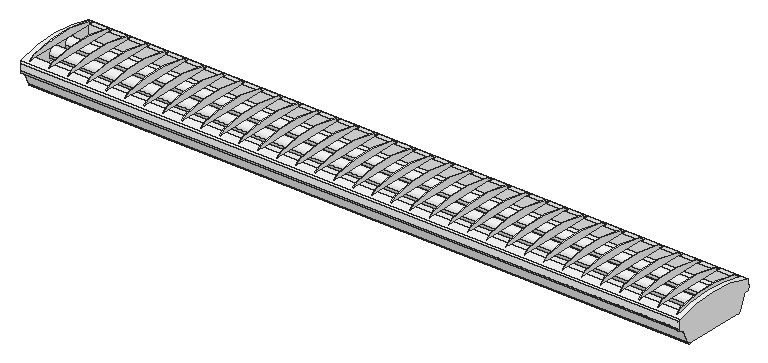
Revit family "0051683 Feilo Sylvania Lighting Fixture SYLMASTER T8 LED 1500 HO 4K Surface Mounted ", category Lighting Fixtures, host Face, Revit 2017
Family settings
  Host = Face
  Round Connector Dimension = Use Diameter
  Part Type = Normal
  OmniClass Number = 23.80.70.00
  OmniClass Title = Lighting
  Cut with Voids When Loaded = No
  Light Source = Yes
  Shared = No
  Room Calculation Point = No
Parameters (values of type "0051683 SYLMASTER T8 LED 1500 HO 4K")
  WidthVoid_FEILO = 160 mm
  Weight = "3.0 kg"
  Wattage Comments = ""
  Wattage = 53 W
  WarrantyStartDate [instance] = "n/a"
  WarrantyGuarantorParts = "n/a"
  WarrantyDurationUnit = "n/a"
  WarrantyDurationParts = "n/a"
  WarrantyDescription = "n/a"
  built-in parameter 1150110 = 1 (stored number, unit not read)
  Voltage = 230 V
  URL = "http://www.sylvania-lighting.com"
  TypeName = "SYLMASTER T8 LED 1500 HO 4K"
  Type Image = <None>
  Type Comments = "n/a"
  Twin_FEILO = not(Single_FEILO)  # yes
  built-in parameter 1114217 = 1 (stored number, unit not read)
  Tilt Angle = -90.00°
  built-in parameter 1150109 = 1 (stored number, unit not read)
  built-in parameter 1150134 = 12
  built-in parameter 1150113 = 1 (stored number, unit not read)
  Single_FEILO = no
  SerialNumber [instance] = "n/a"
  ReflectorSpacing_FEILO = (Length_FEILO - 30 mm) / (Array_FEILO - 1)  # 44.706 mm
  RadiusTube_FEILO = 12.7 mm
  Photometric Web File = "0051683.ies"
  Material_3_FEILO = none
  PowerFactor = 0.9
  PowerConsumption = "53 W"
  NominalLength = 1550 mm
  NominalHeight = 85 mm
  NominalDepth = 202 mm
  Name = "SYLMASTER T8 LED 1500 HO 4K"
  ModelReference = Name  # "SYLMASTER T8 LED 1500 HO 4K"
  ModelNumber = "0051683"
  Model = Name  # "SYLMASTER T8 LED 1500 HO 4K"
  Material = "steel housing"
  ManufacturerName = "Feilo Sylvania"
  Manufacturer = "Feilo Sylvania"
  LuminousEfficacy = "76 lm/W"
  built-in parameter 1150105 = 1576.1 (stored number, unit not read)
  Lumens = 4028 lm
  LuminaireType = ""
  built-in parameter 1150115 = 1 (stored number, unit not read)
  LightOutputRatio = "71"
  built-in parameter 1150137 = (empty or 0)
  built-in parameter 1150139 = (empty or 0)
  Length_FEILO = 1550 mm
  LampsType = Lamp  # "LED"
  LampNominalLuminous = "4028 lm"
  LampMacAdamStep = "6"
  LampColourTemperature = "4000 K"
  LampColourRenderingIndex = "80"
  built-in parameter 1150112 = 1 (stored number, unit not read)
  built-in parameter 1150114 = 1 (stored number, unit not read)
  Lamp = "LED"
  Keynote = "16500"
  InstallationDate [instance] = "n/a"
  InputVoltage = "220-240V~"
  InputNominalFrequency = "50/60 Hz"
  built-in parameter 1150132 = (empty or 0)
  built-in parameter 1150102 = (empty or 0)
  built-in parameter 1150107 = 4000 (stored number, unit not read)
  built-in parameter 1150138 = (empty or 0)
  IngressProtection = "IP20"
  ImpactProtectionIndex = "IK02"
  built-in parameter 1150106 = 15.761 (stored number, unit not read)
  IfcExportType = "IfcLightFixtureType"
  IfcExportAs = "IfcLightFixtureType"
  ExpectedLife = 50000
  Emit from Rectangle Width = WidthVoid_FEILO  # 160 mm
  Emit from Rectangle Length = Length_FEILO - 30 mm  # 1520 mm
  Emit Shape Visible in Rendering = no
  ElectricShockClassification = "Class I"
  built-in parameter 1150104 = 7.0606 (stored number, unit not read)
  DurationUnit = "hours"
  DocumentationLiterature = "http://www.sylvania-lighting.com/product/en-int/products/0051683"
  DimmingControlOptions = "Non dimmable"
  Material_2_FEILO = LEDTube-Sylvania-Sylmaster
  Dimming Lamp Color Temperature Shift = <None>
  Description = "SYLMASTER T8 LED 1500 HO 4K is a surface mount / pendant luminaire supplied with 2 ToLEDo T8 27W 840 LED Tubes."
  Default Elevation = 1219.2 mm
  CreatedOn = "2/19/2018"
  CreatedBy = ""
  Cost = 0
  Color Filter = 16777215
  built-in parameter 1114216 [instance] = (empty or 0)
  ClassificationValue = "EF_70_80"
  ClassificationName = "Uniclass2015"
  Material_1_FEILO = Body-Sylvania-Sylmaster-White
  BarCode [instance] = "n/a"
  built-in parameter 1114218 = 1 (stored number, unit not read)
  built-in parameter 1150133 = 10 (stored number, unit not read)
  AssetType = "Fixed"
  AssetIdentifier [instance] = "n/a"
  Assembly Code = "D5020200"
  Array_FEILO = if(Length_FEILO = 1250 mm, 25, 35)  # 35
  Apparent Load = 53 VA
  Material_4_FEILO = none
Reference planes
  plane 1 "Center (Front/Back)": y = 0
  plane 2: z = 0
  plane 3 "Center (Left/Right)": x = 0
  plane 4: y = 101
  plane 5: y = -101
  plane 6: z = 0
  plane 7: z = 85
  plane 8: z = 61
  plane 9: z = 45
  plane 10: z = 7
  plane 11: z = 68
  plane 12: y = -89
  plane 13: y = -75
  plane 14: y = -30
  plane 15: y = 30
  plane 16: y = 89
  plane 17: y = 75
  plane 18: z = 42
  plane 19: x = -775
  plane 20: x = 775
  plane 21: x = -500
  plane 22: x = 500
  plane 23: y = -23
  plane 24: y = 23
  plane 25: x = -480
  plane 26: x = -520
  plane 27: x = 480
  plane 28: x = 520
  plane 29: x = -513
  plane 30: x = -487
  plane 31: x = 487
  plane 32: x = 513
  plane 33: y = 80
  plane 34: y = -80
  plane 35: x = 760
  plane 36: x = -760
  plane 37: y = 33
  plane 38: z = 44.6
  plane 39: x = -715.294
  plane 40: z = 22
  plane 41: z = -22
Forms (mm)
  Extrusion 1, solid, material "Body-Sylvania-Sylmaster-White" <- "Material_1_FEILO", detail levels medium+fine
    sketch origin (0, 0, 0) x (0, 1, 0) y (0, 0, 1)
      loop
        arc (-98.274, 68.93) -> (-100.248, 67.473) -> (-101, 65.138) r 4
        line (-101, 65.138) -> (-101, 48.904)
        arc (-101, 48.904) -> (-99.941, 45.827) -> (-97.213, 44.053) r 5
        line (-97.213, 44.053) -> (-93.96, 43.24)
        arc (-93.96, 43.24) -> (-89.81, 41.072) -> (-87.101, 37.253) r 10
        line (-87.101, 37.253) -> (-76.76, 11.4)
        arc (-76.76, 11.4) -> (-74.185, 8.204) -> (-70.261, 7) r 7
        line (-70.261, 7) -> (70.261, 7)
        arc (70.261, 7) -> (74.185, 8.204) -> (76.76, 11.4) r 7
        line (76.76, 11.4) -> (87.101, 37.253)
        arc (87.101, 37.253) -> (89.81, 41.072) -> (93.96, 43.24) r 10
        line (93.96, 43.24) -> (97.213, 44.053)
        arc (97.213, 44.053) -> (99.941, 45.827) -> (101, 48.904) r 5
        line (101, 48.904) -> (101, 65.138)
        arc (101, 65.138) -> (100.248, 67.473) -> (98.274, 68.93) r 4
        arc (98.274, 68.93) -> (0, 85) -> (-98.274, 68.93) r 308.529
    from -775 to 775
  Blend 2, solid, material "Body-Sylvania-Sylmaster-White" <- "Material_1_FEILO"
    base sketch origin (0, 1219.2, 7) x (1, 0, 0) y (0, 1, 0)
      loop
        line (-520, -1189.2) -> (-520, -1249.2) -> (-480, -1249.2) -> (-480, -1189.2) -> (-520, -1189.2)
    top sketch origin (0, 1219.2, 7) x (1, 0, 0) y (0, 1, 0)
      loop
        line (-513, -1196.2) -> (-513, -1242.2) -> (-487, -1242.2) -> (-487, -1196.2) -> (-513, -1196.2)
    from 0 to -7
  Blend 3, solid, material "Body-Sylvania-Sylmaster-White" <- "Material_1_FEILO"
    base sketch origin (0, 1219.2, 7) x (1, 0, 0) y (0, 1, 0)
      loop
        line (480, -1189.2) -> (480, -1249.2) -> (520, -1249.2) -> (520, -1189.2) -> (480, -1189.2)
    top sketch origin (0, 1219.2, 7) x (1, 0, 0) y (0, 1, 0)
      loop
        line (487, -1196.2) -> (487, -1242.2) -> (513, -1242.2) -> (513, -1196.2) -> (487, -1196.2)
    from 0 to -7
  Extrusion 4, void
    sketch origin (0, 0, 0) x (0, 1, 0) y (0, 0, 1)
      loop
        line (-80, 85) -> (-80, 45) -> (80, 45) -> (80, 85) -> (-80, 85)
    from -760 to 760
  Extrusion 5, solid, material "LEDTube-Sylvania-Sylmaster" <- "Material_2_FEILO", visible <- "Single_FEILO", detail levels medium+fine
    sketch origin (0, 0, 0) x (0, 1, 0) y (0, 0, 1)
      loop
        circle (0, 61) r 12.7
    from -760 to 760
  Extrusion 6, solid, material "LEDTube-Sylvania-Sylmaster" <- "Material_2_FEILO", visible <- "Twin_FEILO", detail levels medium+fine
    sketch origin (0, 0, 0) x (0, 1, 0) y (0, 0, 1)
      loop
        circle (-23, 61) r 12.7
      loop
        circle (23, 61) r 12.7
    from -760 to 760
  Extrusion 7, solid, material "Body-Sylvania-Sylmaster-White" <- "Material_1_FEILO", detail levels coarse
    sketch origin (0, 0, 0) x (0, 1, 0) y (0, 0, 1)
      loop
        arc (-98.274, 68.93) -> (-100.248, 67.473) -> (-101, 65.138) r 4
        line (-101, 65.138) -> (-101, 48.904)
        arc (-101, 48.904) -> (-99.941, 45.827) -> (-97.213, 44.053) r 5
        line (-97.213, 44.053) -> (-93.96, 43.24)
        arc (-93.96, 43.24) -> (-89.81, 41.072) -> (-87.101, 37.253) r 10
        line (-87.101, 37.253) -> (-76.76, 11.4)
        arc (-76.76, 11.4) -> (-74.185, 8.204) -> (-70.261, 7) r 7
        line (-70.261, 7) -> (70.261, 7)
        arc (70.261, 7) -> (74.185, 8.204) -> (76.76, 11.4) r 7
        line (76.76, 11.4) -> (87.101, 37.253)
        arc (87.101, 37.253) -> (89.81, 41.072) -> (93.96, 43.24) r 10
        line (93.96, 43.24) -> (97.213, 44.053)
        arc (97.213, 44.053) -> (99.941, 45.827) -> (101, 48.904) r 5
        line (101, 48.904) -> (101, 65.138)
        arc (101, 65.138) -> (100.248, 67.473) -> (98.274, 68.93) r 4
        arc (98.274, 68.93) -> (0, 85) -> (-98.274, 68.93) r 308.529
    from -775 to 775
Cuts and joins
  Extrusion 4 cuts Extrusion 1
Lines and regions (mm)
  reference lines
    curve 1: line (0, -101, 45) -> (0, -89, 42)
    curve 2: line (0, -89, 42) -> (0, -75, 7)
    curve 3: line (0, 101, 45) -> (0, 89, 42)
    curve 4: line (0, 89, 42) -> (0, 75, 7)
Dimensions and locks
  equal spacing: plane 5, plane 1 "Center (Front/Back)", plane 4
  locked: plane 5 to plane 4 at 202
  locked: plane 6 to plane 7 at 85
  plane 8 to plane 7 = 24 mm
  locked: plane 9 to plane 7 at 40
  locked: plane 6 to plane 10 at 7
  locked: plane 8 to plane 11 at 7
  equal spacing: plane 13, plane 1 "Center (Front/Back)", plane 17
  equal spacing: plane 14, plane 1 "Center (Front/Back)", plane 15
  equal spacing: plane 12, plane 1 "Center (Front/Back)", plane 16
  locked: plane 13 to plane 17 at 150
  locked: plane 12 to plane 16 at 178
  locked: plane 18 to plane 9 at 3
  locked: Extrusion 1 sketch curve to plane 7 at 308.529
  Extrusion 1 sketch curve to plane 1 "Center (Front/Back)" to Extrusion 1 sketch curve = 97 mm locked, 97 mm locked
  Extrusion 1 sketch curve to plane 1 "Center (Front/Back)" to Extrusion 1 sketch curve = 96 mm locked, 96 mm locked
  equal spacing: plane 19, plane 3 "Center (Left/Right)", plane 20
  "Length_FEILO": plane 19 to plane 20
  Extrusion 1 sketch curve to plane 1 "Center (Front/Back)" to Extrusion 1 sketch curve = 70.261 mm locked, 70.261 mm locked
  Extrusion 1 sketch curve to plane 1 "Center (Front/Back)" to Extrusion 1 sketch curve = 96.386 mm locked, 96.386 mm locked
  Extrusion 1 sketch curve to Extrusion 1 sketch curve to Extrusion 1 sketch curve to Extrusion 1 sketch curve to plane 7 = 19.539 mm locked, 15.365 mm locked, 16.235 mm locked, 19.862 mm locked  (x2)
  equal spacing: plane 21, plane 3 "Center (Left/Right)", plane 22
  locked: plane 21 to plane 22 at 1000
  equal spacing: plane 23, plane 1 "Center (Front/Back)", plane 24
  locked: plane 14 to plane 23 at 7
  locked: plane 14 to plane 1 "Center (Front/Back)" at 30
  equal spacing: plane 26, plane 21, plane 25, locked at 20 each
  equal spacing: plane 27, plane 22, plane 28, locked at 20 each
  locked: plane 26 to plane 21 at 20
  locked: plane 27 to plane 22 at 20
  equal spacing: plane 29, plane 21, plane 30
  locked: plane 26 to plane 29 at 7
  equal spacing: plane 31, plane 22, plane 32
  locked: plane 27 to plane 31 at 7
  equal spacing: plane 36, plane 3 "Center (Left/Right)", plane 35
  locked: plane 19 to plane 36 at 15
  plane 1 "Center (Front/Back)" to plane 37 = 33 mm
  equal spacing: plane 34, plane 1 "Center (Front/Back)", plane 33
  "WidthVoid_FEILO": plane 34 to plane 33
  locked: plane 38 to plane 7 at 40.4
  "ReflectorSpacing_FEILO": plane 36 to plane 39
  equal spacing: group 1, group 2, group 3, group 4, group 5, group 6, group 7, group 8, group 9, group 10, group 11, group 12, group 13, group 14, group 15, group 16, group 17, group 18, group 19, group 20, group 21, group 22, group 23, group 24, group 25, group 26, group 27, group 28, group 29, group 30, group 31, group 32, group 33, group 34, group 35  (x3)
  locked: plane 6 to plane 41 at 22
  locked: plane 40 to host face at 22
  "RadiusTube_FEILO": radius of Extrusion 5 sketch curve
  aligned and locked: plane 2 to host face
  aligned and locked: level to host face
  aligned and locked: plane 5 to curve 1
  aligned and locked: plane 12 to curve 1
  aligned and locked: plane 13 to curve 2
  aligned and locked: plane 4 to curve 3
  aligned and locked: plane 16 to curve 3
  aligned and locked: plane 17 to curve 4
  aligned and locked: plane 5 to Extrusion 1 sketch curve
  aligned and locked: curve 2 to Extrusion 1 sketch curve
  aligned and locked: plane 1 "Center (Front/Back)" to Extrusion 1 sketch curve
  aligned and locked: plane 20 to Extrusion 1
  aligned and locked: Extrusion 1 to plane 19
  aligned and locked: Extrusion 1 sketch curve to curve 3
  aligned and locked: curve 1 to Extrusion 1 sketch curve
  aligned and locked: Extrusion 1 sketch curve to curve 4
  aligned and locked: plane 15 to Blend 2 sketch curve
  aligned and locked: plane 26 to Blend 2 sketch curve
  aligned and locked: Blend 2 sketch curve to plane 14
  aligned and locked: Blend 2 sketch curve to plane 25
  aligned and locked: plane 24 to Blend 2 sketch curve
  aligned and locked: plane 29 to Blend 2 sketch curve
  aligned and locked: Blend 2 sketch curve to plane 23
  aligned and locked: Blend 2 sketch curve to plane 30
  aligned and locked: plane 6 to Blend 2
  aligned and locked: Blend 2 to plane 10
  aligned and locked: plane 15 to Blend 3 sketch curve
  aligned and locked: plane 27 to Blend 3 sketch curve
  aligned and locked: Blend 3 sketch curve to plane 14
  aligned and locked: Blend 3 sketch curve to plane 28
  aligned and locked: plane 24 to Blend 3 sketch curve
  aligned and locked: plane 31 to Blend 3 sketch curve
  aligned and locked: Blend 3 sketch curve to plane 23
  aligned and locked: Blend 3 sketch curve to plane 32
  aligned and locked: Blend 3 to plane 10
  aligned and locked: plane 6 to Blend 3
  aligned and locked: plane 7 to Extrusion 4 sketch curve
  aligned and locked: Extrusion 4 sketch curve to plane 34
  aligned and locked: Extrusion 4 sketch curve to plane 9
  aligned and locked: plane 33 to Extrusion 4 sketch curve
  aligned and locked: plane 35 to Extrusion 4
  aligned and locked: Extrusion 4 to plane 36
  aligned and locked: plane 1 "Center (Front/Back)" to nested 1
  aligned and locked: plane 36 to nested 1
  aligned and locked: plane 39 to nested 2
  aligned and locked: plane 1 "Center (Front/Back)" to Extrusion 5 sketch curve
  aligned and locked: plane 8 to Extrusion 5 sketch curve
  aligned and locked: plane 35 to Extrusion 5
  aligned and locked: Extrusion 5 to plane 36
  aligned and locked: plane 23 to Extrusion 6 sketch curve
  aligned and locked: plane 8 to Extrusion 6 sketch curve  (x2)
  aligned and locked: plane 24 to Extrusion 6 sketch curve
  aligned and locked: plane 35 to Extrusion 6
  aligned and locked: Extrusion 6 to plane 36
  aligned and locked: plane 3 "Center (Left/Right)" to imposter light
  aligned and locked: imposter light to plane 1 "Center (Front/Back)"
  aligned and locked: imposter light to plane 7
  aligned and locked: Extrusion 7 sketch curve to cut or joined group of Extrusion 1, Extrusion 4  (x9)
  aligned and locked: plane 20 to Extrusion 7
  aligned and locked: Extrusion 7 to plane 19
  aligned and locked: plane 6 to plane 2
Automatic sketch dimensions
  host sketch curve to host sketch curve = 2438.4 mm  (x2)
  plane 9 to Extrusion 1 sketch curve = 0.947 mm  (x2)
  Extrusion 1 sketch curve to plane 18 = 1.24 mm  (x2)
  Extrusion 1 sketch curve to plane 12 = 1.899 mm
  plane 13 to Extrusion 1 sketch curve = 1.76 mm
  Extrusion 1 sketch curve to plane 17 = 1.76 mm
  plane 16 to Extrusion 1 sketch curve = 1.899 mm
  Extrusion 1 sketch curve to Extrusion 1 sketch curve = 0 mm
  plane 10 to curve 2 = 0 mm
  plane 10 to curve 4 = 0 mm
  plane 18 to curve 2 = 0 mm
  plane 18 to curve 3 = 0 mm
  plane 9 to curve 1 = 0 mm
  plane 9 to curve 3 = 0 mm
  plane 38 to Extrusion 7 sketch curve = 0.547 mm  (x2)
  Extrusion 7 sketch curve to plane 18 = 1.24 mm  (x2)
  Extrusion 7 sketch curve to plane 12 = 1.899 mm
  plane 13 to Extrusion 7 sketch curve = 1.76 mm
  Extrusion 7 sketch curve to plane 17 = 1.76 mm
  plane 16 to Extrusion 7 sketch curve = 1.899 mm
  radius of Extrusion 6 sketch curve = 12.7 mm  (x2)
Nested families
  nested 1: "Sylmaster reflector" at (-760, 0, 44.6), type "Type Name", detail levels medium+fine
    with WidthVoid_FEILO 160 mm
  nested 2: "Sylmaster reflector" at (-715.294, 0, 44.6), type "Type Name", detail levels medium+fine
    with WidthVoid_FEILO 160 mm
  nested 3: "Sylmaster reflector" at (-670.588, 0, 44.6), type "Type Name", detail levels medium+fine
    with WidthVoid_FEILO 160 mm
  nested 4: "Sylmaster reflector" at (-625.882, 0, 44.6), type "Type Name", detail levels medium+fine
    with WidthVoid_FEILO 160 mm
  nested 5: "Sylmaster reflector" at (-581.176, 0, 44.6), type "Type Name", detail levels medium+fine
    with WidthVoid_FEILO 160 mm
  nested 6: "Sylmaster reflector" at (-536.471, 0, 44.6), type "Type Name", detail levels medium+fine
    with WidthVoid_FEILO 160 mm
  nested 7: "Sylmaster reflector" at (-491.765, 0, 44.6), type "Type Name", detail levels medium+fine
    with WidthVoid_FEILO 160 mm
  nested 8: "Sylmaster reflector" at (-447.059, 0, 44.6), type "Type Name", detail levels medium+fine
    with WidthVoid_FEILO 160 mm
  nested 9: "Sylmaster reflector" at (-402.353, 0, 44.6), type "Type Name", detail levels medium+fine
    with WidthVoid_FEILO 160 mm
  nested 10: "Sylmaster reflector" at (-357.647, 0, 44.6), type "Type Name", detail levels medium+fine
    with WidthVoid_FEILO 160 mm
  nested 11: "Sylmaster reflector" at (-312.941, 0, 44.6), type "Type Name", detail levels medium+fine
    with WidthVoid_FEILO 160 mm
  nested 12: "Sylmaster reflector" at (-268.235, 0, 44.6), type "Type Name", detail levels medium+fine
    with WidthVoid_FEILO 160 mm
  nested 13: "Sylmaster reflector" at (-223.529, 0, 44.6), type "Type Name", detail levels medium+fine
    with WidthVoid_FEILO 160 mm
  nested 14: "Sylmaster reflector" at (-178.824, 0, 44.6), type "Type Name", detail levels medium+fine
    with WidthVoid_FEILO 160 mm
  nested 15: "Sylmaster reflector" at (-134.118, 0, 44.6), type "Type Name", detail levels medium+fine
    with WidthVoid_FEILO 160 mm
  nested 16: "Sylmaster reflector" at (-89.412, 0, 44.6), type "Type Name", detail levels medium+fine
    with WidthVoid_FEILO 160 mm
  nested 17: "Sylmaster reflector" at (-44.706, 0, 44.6), type "Type Name", detail levels medium+fine
    with WidthVoid_FEILO 160 mm
  nested 18: "Sylmaster reflector" at (0, 0, 44.6), type "Type Name", detail levels medium+fine
    with WidthVoid_FEILO 160 mm
  nested 19: "Sylmaster reflector" at (44.706, 0, 44.6), type "Type Name", detail levels medium+fine
    with WidthVoid_FEILO 160 mm
  nested 20: "Sylmaster reflector" at (89.412, 0, 44.6), type "Type Name", detail levels medium+fine
    with WidthVoid_FEILO 160 mm
  nested 21: "Sylmaster reflector" at (134.118, 0, 44.6), type "Type Name", detail levels medium+fine
    with WidthVoid_FEILO 160 mm
  nested 22: "Sylmaster reflector" at (178.824, 0, 44.6), type "Type Name", detail levels medium+fine
    with WidthVoid_FEILO 160 mm
  nested 23: "Sylmaster reflector" at (223.529, 0, 44.6), type "Type Name", detail levels medium+fine
    with WidthVoid_FEILO 160 mm
  nested 24: "Sylmaster reflector" at (268.235, 0, 44.6), type "Type Name", detail levels medium+fine
    with WidthVoid_FEILO 160 mm
  nested 25: "Sylmaster reflector" at (312.941, 0, 44.6), type "Type Name", detail levels medium+fine
    with WidthVoid_FEILO 160 mm
  nested 26: "Sylmaster reflector" at (357.647, 0, 44.6), type "Type Name", detail levels medium+fine
    with WidthVoid_FEILO 160 mm
  nested 27: "Sylmaster reflector" at (402.353, 0, 44.6), type "Type Name", detail levels medium+fine
    with WidthVoid_FEILO 160 mm
  nested 28: "Sylmaster reflector" at (447.059, 0, 44.6), type "Type Name", detail levels medium+fine
    with WidthVoid_FEILO 160 mm
  nested 29: "Sylmaster reflector" at (491.765, 0, 44.6), type "Type Name", detail levels medium+fine
    with WidthVoid_FEILO 160 mm
  nested 30: "Sylmaster reflector" at (536.471, 0, 44.6), type "Type Name", detail levels medium+fine
    with WidthVoid_FEILO 160 mm
  nested 31: "Sylmaster reflector" at (581.176, 0, 44.6), type "Type Name", detail levels medium+fine
    with WidthVoid_FEILO 160 mm
  nested 32: "Sylmaster reflector" at (625.882, 0, 44.6), type "Type Name", detail levels medium+fine
    with WidthVoid_FEILO 160 mm
  nested 33: "Sylmaster reflector" at (670.588, 0, 44.6), type "Type Name", detail levels medium+fine
    with WidthVoid_FEILO 160 mm
  nested 34: "Sylmaster reflector" at (715.294, 0, 44.6), type "Type Name", detail levels medium+fine
    with WidthVoid_FEILO 160 mm
  nested 35: "Sylmaster reflector" at (760, 0, 44.6), type "Type Name", detail levels medium+fine
    with WidthVoid_FEILO 160 mm
Connectors
  electrical at (0, 0, 0), driven by "Apparent Load", driven by "PowerFactor", driven by "Voltage"
    settings: index 1, voltage 230 V, apparent load 53 VA, apparent load phase1 0 VA, apparent load phase2 0 VA, apparent load phase3 0 VA, power factor 0.9, load classification "Lighting", number of poles 1, system type 30, power factor state 1, is connector primary yes, connector utility no, sub classification motor no, connector description ""
Definition of nested family "Sylmaster reflector"
  Parameters (values of type "Type Name")
    WidthVoid_FEILO = 146 mm
    URL = "http://www.feilosylvania.com"
    Type Image = (empty or 0)
    Type Comments = "n/a"
    RadiusReflectorOuter_FEILO = 303.809 mm
    RadiusReflectorInner_FEILO = 307.458 mm
    Material_3_FEILO = none
    Model = ""
    Manufacturer = "Feilo Sylvania"
    Keynote = "16500"
    Material_2_FEILO = none
    Description = ""
    Default Elevation = 1219.2 mm
    Cost = 0
    Material_1_FEILO = none
    Assembly Code = "D5020200"
    Material_4_FEILO = none
  Reference planes
    plane 1 "Center (Front/Back)": y = 0
    plane 2: z = 28.4
    plane 3 "Center (Left/Right)": x = 0
    plane 4: y = 101
    plane 5: y = -101
    plane 6: z = 28.4
    plane 7: z = 23.4
    plane 8: x = -775
    plane 9: x = 775
    plane 10: x = -500
    plane 11: x = 500
    plane 12: x = -480
    plane 13: x = -520
    plane 14: x = 480
    plane 15: x = 520
    plane 16: x = -513
    plane 17: x = -487
    plane 18: x = 487
    plane 19: x = 513
    plane 20: y = 73
    plane 21: y = -73
    plane 22: x = 760
    plane 23: x = -760
    plane 24: y = -83
    plane 25: y = 83
    plane 26: z = 28.4
    plane 27: x = 1
    plane 28: x = -1
  Forms (mm)
    Extrusion 1, solid
      sketch origin (4.2, 0, 28.4) x (1, 0, 0) y (0, 1, 0)
        loop
          line (-1219.2, 1219.2) -> (-1219.2, -1219.2) -> (1219.2, -1219.2) -> (1219.2, 1219.2) -> (-1219.2, 1219.2)
      from 0 to -68.017
    Extrusion 2, solid, material <- "Material_1_FEILO"
      sketch origin (0, 0, 0) x (0, 1, 0) y (0, 0, 1)
        loop
          arc (-83, 29.048) -> (-78.011, 30.401) -> (-73, 31.671) r 307.458
          line (-73, 31.671) -> (-73, 28.4) -> (73, 28.4) -> (73, 31.671)
          arc (73, 31.671) -> (78.011, 30.401) -> (83, 29.048) r 307.458
          line (83, 29.048) -> (73, 36.779)
          arc (73, 36.779) -> (0, 45.68) -> (-73, 36.779) r 303.809
          line (-73, 36.779) -> (-83, 29.048)
      from 1 to -1
  Lines and regions (mm)
    reference lines
      curve 1: arc (0, -101, 28.4) -> (0, 0, 45.68) -> (0, 101, 28.4) r 303.809
      curve 2: arc (0, -101, 23.4) -> (0, 0, 40.463) -> (0, 101, 23.4) r 307.458
  Dimensions and locks
    equal spacing: plane 5, plane 1 "Center (Front/Back)", plane 4
    locked: plane 5 to plane 4 at 202
    equal spacing: plane 8, plane 3 "Center (Left/Right)", plane 9
    locked: plane 8 to plane 9 at 1550
    equal spacing: plane 10, plane 3 "Center (Left/Right)", plane 11
    locked: plane 10 to plane 11 at 1000
    equal spacing: plane 13, plane 10, plane 12, locked at 20 each
    equal spacing: plane 14, plane 11, plane 15, locked at 20 each
    locked: plane 13 to plane 10 at 20
    locked: plane 14 to plane 11 at 20
    equal spacing: plane 16, plane 10, plane 17
    locked: plane 13 to plane 16 at 7
    equal spacing: plane 18, plane 11, plane 19
    locked: plane 14 to plane 18 at 7
    equal spacing: plane 23, plane 3 "Center (Left/Right)", plane 22
    locked: plane 8 to plane 23 at 15
    equal spacing: plane 21, plane 1 "Center (Front/Back)", plane 20
    "WidthVoid_FEILO": plane 21 to plane 20
    equal spacing: plane 24, plane 1 "Center (Front/Back)", plane 25
    locked: plane 24 to plane 21 at 10
    locked: plane 7 to plane 26 at 5
    plane 28 to plane 3 "Center (Left/Right)" to plane 27 = 1 mm locked, 1 mm locked
    "RadiusReflectorInner_FEILO": radius of curve 2
    "RadiusReflectorOuter_FEILO": radius of curve 1
    aligned and locked: plane 2 to Extrusion 1
    aligned and locked: level to Extrusion 1
    aligned and locked: plane 5 to curve 1
    aligned and locked: plane 26 to curve 1  (x2)
    aligned and locked: plane 4 to curve 1
    aligned and locked: plane 4 to curve 2
    aligned and locked: plane 7 to curve 2  (x2)
    aligned and locked: plane 5 to curve 2
    aligned and locked: Extrusion 2 to plane 28
    aligned and locked: plane 27 to Extrusion 2
    aligned and locked: Extrusion 2 sketch curve to curve 2  (x2)
    aligned and locked: Extrusion 2 sketch curve to curve 1
    aligned and locked: plane 26 to Extrusion 2 sketch curve
    aligned and locked: Extrusion 2 sketch curve to plane 20
    aligned and locked: plane 21 to Extrusion 2 sketch curve  (x3)
    aligned and locked: plane 24 to Extrusion 2 sketch curve
    aligned and locked: plane 20 to Extrusion 2 sketch curve
    aligned and locked: plane 25 to Extrusion 2 sketch curve
    aligned and locked: plane 26 to plane 6
    aligned and locked: level to plane 26
  Automatic sketch dimensions
    Extrusion 1 sketch curve to Extrusion 1 sketch curve = 2438.4 mm  (x2)
